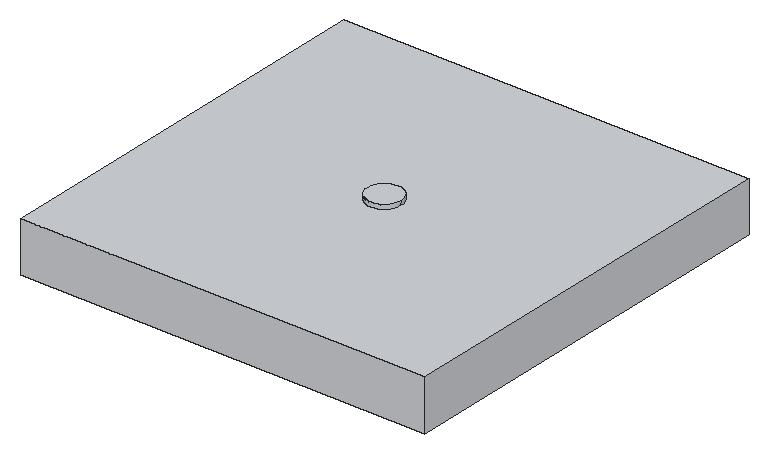
Revit family "M_Subestação do interfone", category Dispositivos de comunicação, Revit 2019
Family settings
  Hospedeiro = Face
  Manter orientação da anotação = Sim
  Cota do conector redondo = Utilizar diâmetro
  Tipo de parte = Normal
  Número OmniClass = 23.85.50.31
  Título OmniClass = Intercom Systems
  ID de item do Seek = Intercom Substation-0000-CAN-ENU
  Corte com vazios quando carregada = Não
  Compartilhado = Não
  Ponto de cálculo do ambiente = Não
Parameters (values of type "Padrão")
  Raio = Diâmetro * 0.5  # 101.5 mm
  Comprimento 1 = 25 mm
  Legenda = "IC"
  Diâmetro = 203 mm
  Elevação-padrão = 1200 mm
Reference planes
  plane 1 "Centro (Frente/Trás)": y = 0
  plane 2: z = 0
  plane 3 "Centro (Esquerda/Direita)": x = 0
  plane 4: z = 25
Forms (mm)
  Extrusion 1, solid
    sketch origin (0, 0, 0) x (1, 0, 0) y (0, 1, 0)
      loop
        line (-1219.2, 1219.2) -> (-1219.2, -1219.2) -> (1219.2, -1219.2) -> (1219.2, 1219.2) -> (-1219.2, 1219.2)
    from 0 to -304.8
  Extrusion 2, solid
    sketch origin (0, 0, 0) x (1, 0, 0) y (0, 1, 0)
      loop
        circle (0, 0) r 101.5
    from 0 to 25
Lines and regions (mm)
  symbolic lines, detail levels fine
    curve 1: arc (101.5, 0, 0) -> (0, 101.5, 0) -> (-101.5, 0, 0) r 101.5
    curve 2: arc (-101.5, 0, 0) -> (0, -101.5, 0) -> (101.5, 0, 0) r 101.5
Dimensions and locks
  "Comprimento 1": plane 4 to plane 2
  "Raio": radius of Extrusion 2 sketch curve
  aligned and locked: plane 2 to Extrusion 1
  aligned and locked: level to Extrusion 1
  aligned and locked: plane 1 "Centro (Frente/Trás)" to Extrusion 2 sketch curve
  aligned and locked: plane 3 "Centro (Esquerda/Direita)" to Extrusion 2 sketch curve
  aligned and locked: plane 4 to Extrusion 2
  aligned and locked: Extrusion 2 to plane 2
  aligned and locked: curve 1 to Extrusion 2
  aligned and locked: curve 2 to Extrusion 2
Automatic sketch dimensions
  Extrusion 1 sketch curve to Extrusion 1 sketch curve = 2438.4 mm  (x2)
Nested families
  nested 1: "M_Anotação da subestação do interfone" at (0, 0, 0), type "Anotação da subestação de interfone", detail levels coarse+medium
Connectors
  electrical at (0, 0, 0)
    settings: on Extrusion 2, index 1, voltage 0 V, apparent load 0 VA, apparent load phase1 0 VA, apparent load phase2 0 VA, apparent load phase3 0 VA, power factor 1, load classification "Outros", number of poles 1, system type 14, power factor state 1, is connector primary yes, connector utility no, sub classification motor no, connector description ""
Definition of nested family "M_Anotação da subestação do interfone"
  Parameters
    Anotação de legenda = "IC"
  Reference planes
    plane 1: y = 0
    plane 2: x = 0
  Lines and regions (mm)
    reference lines
      curve 1: line (-2.183, 4.196, 0) -> (-2.183, -8.862, 0)
      curve 2: line (2.183, 5.931, 0) -> (2.183, -8.862, 0)
      curve 3: line (-6.856, 2.381, 0) -> (8.926, 2.381, 0)
      curve 4: line (-9.435, -2.381, 0) -> (9.615, -2.381, 0)
    detail lines
      curve 5: line (-2.183, 2.381, 0) -> (2.183, 2.381, 0)
      curve 6: line (-2.183, -2.381, 0) -> (-2.183, 2.381, 0)
      curve 7: line (2.183, -2.381, 0) -> (-2.183, -2.381, 0)
      curve 8: line (2.183, 2.381, 0) -> (2.183, -2.381, 0)
  Text (mm)
    label "IC" at (-1.515, 0.126, 0), shows "Anotação de legenda"
  Dimensions and locks
    locked: curve 1 to plane 2 at 2.183
    locked: plane 2 to curve 2 at 2.183
    equal spacing: curve 4, plane 1, curve 3
    locked: plane 1 to curve 3 at 2.381
    aligned and locked: curve 3 to curve 5
    aligned and locked: curve 6 to curve 1
    aligned and locked: curve 7 to curve 4
    aligned and locked: curve 2 to curve 8
